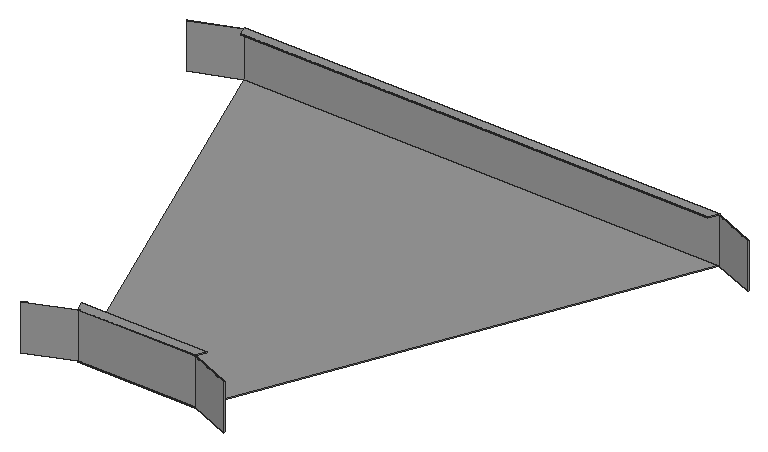
Revit family "Bogen_45_horizontal_ Russia", category Generic Models, Revit 2015
Parameters (values of type "RBL 45 660 FS RU")
  URL = "http://www.obo-bettermann.com"
  Material = Stainless Steel
  Manufacturer Art.No. = "6043692"
  Manufacturer = "OBO Bettermann"
  GTIN = "4012196625994"
  Article Type = "RBL 45 660 FS RU"
  B = 552.5 mm
Types (8, lengths in mm): name | Manufacturer Art.No. | GTIN | Article Type | B
  (no name) | "6043692" | "4012196625994" | "RBL 45 660 FS RU" | 552.5
  RBL 45 610 FS RU | "6043682" | "4012196606122" | "RBL 45 610 FS RU" | 90.5
  RBL 45 615 FS RU | "6043683" | "4012196649334" | "RBL 45 615 FS RU" | 136.7
  RBL 45 620 FS RU | "6043684" | "4012196606139" | "RBL 45 620 FS RU" | 182.9
  RBL 45 630 FS RU | "6043686" | "4012196606146" | "RBL 45 630 FS RU" | 275.3
  RBL 45 640 FS RU | "6043688" | "4012196625970" | "RBL 45 640 FS RU" | 367.7
  RBL 45 650 FS RU | "6043690" | "4012196625987" | "RBL 45 650 FS RU" | 460.1
  RBL 45 660 FS RU | "6043692" | "4012196625994" | "RBL 45 660 FS RU" | 552.5
Reference planes
  plane 1 "Center (Front/Back)": y = 0
  plane 2: z = 0
  plane 3 "Center (Left/Right)": x = 0
  plane 4: z = 1
  plane 5: z = 59
  plane 6: z = 60
  plane 7: through (0, 0, 1200) normal (-0.9239, -0.3827, 0)
  plane 8: x = -75
  plane 9: through (0, 0, 1200) normal (-0.9239, 0.3827, 0)
  plane 10: x = 75
  plane 11: y = 734.6
  plane 12: through (-28.247, -88.593, 1200) normal (-0.9239, -0.3827, 0)
  plane 13: through (32.699, -77.845, 1200) normal (-0.9239, 0.3827, 0)
  plane 14: y = 733.6
  plane 15: y = 181.1
  plane 16: y = 182.1
  plane 17: y = 194.1
  plane 18: y = 722.6
Forms (mm)
  Extrusion 1, solid, material "Stainless Steel" <- "Material"
    sketch origin (0, 0, 0) x (1, 0, 0) y (0, 1, 0)
      loop
        line (304.281, 734.6) -> (-304.281, 734.6) -> (-75.014, 181.1) -> (75.014, 181.1) -> (304.281, 734.6)
    from 0 to 1
  Extrusion 2, solid, material "Stainless Steel" <- "Material"
    sketch origin (0, 0, 0) x (1, 0, 0) y (0, 1, 0)
      loop
        line (-75, 181.1) -> (75, 181.1) -> (130.445, 158.134) -> (130.861, 159.139) -> (75.428, 182.1) -> (-75.428, 182.1) -> (-130.861, 159.139) -> (-130.445, 158.134) -> (-75, 181.1)
      loop
        line (-304.281, 734.6) -> (-359.714, 711.639) -> (-359.3, 710.639) -> (-303.867, 733.6) -> (303.867, 733.6) -> (359.3, 710.639) -> (359.714, 711.639) -> (304.281, 734.6) -> (-304.281, 734.6)
    from 1 to 59
  Extrusion 3, solid, material "Stainless Steel" <- "Material"
    sketch origin (0, 0, 0) x (1, 0, 0) y (0, 1, 0)
      loop
        line (-80.399, 194.1) -> (-75.014, 181.1) -> (75.014, 181.1) -> (80.399, 194.1) -> (-80.399, 194.1)
      loop
        line (-304.281, 734.6) -> (-299.311, 722.6) -> (299.311, 722.6) -> (304.281, 734.6) -> (-304.281, 734.6)
    from 59 to 60
Lines and regions (mm)
  reference lines
    curve 1: line (303.867, 733.6, 0) -> (359.3, 710.639, 0)
    curve 2: line (304.281, 734.6, 0) -> (359.714, 711.639, 0)
    curve 3: line (-303.867, 733.6, 0) -> (-359.3, 710.639, 0)
    curve 4: line (-304.281, 734.6, 0) -> (-359.714, 711.639, 0)
    curve 9: line (-75, 181.1, 0) -> (-130.445, 158.134, 0)
    curve 10: line (75, 181.1, 0) -> (130.445, 158.134, 0)
    curve 11: line (-75.428, 182.1, 0) -> (-130.861, 159.139, 0)
    curve 12: line (75.428, 182.1, 0) -> (130.861, 159.139, 0)
  model lines
    curve 5: line (-75.014, 181.1, 0) -> (75.014, 181.1, 0)
    curve 6: line (75.014, 181.1, 0) -> (304.281, 734.6, 0)
    curve 7: line (304.281, 734.6, 0) -> (-304.281, 734.6, 0)
    curve 8: line (-304.281, 734.6, 0) -> (-75.014, 181.1, 0)
Dimensions and locks
  locked: level to plane 4 at 1
  locked: plane 4 to plane 5 at 58
  locked: plane 5 to plane 6 at 1
  equal spacing: plane 8, plane 3 "Center (Left/Right)", plane 10
  locked: plane 8 to plane 10 at 150
  locked: plane 11 to plane 14 at 1
  plane 12 to plane 7 = 60 mm
  plane 9 to plane 13 = 60 mm
  locked: curve 4 to curve 3 at 1.082
  locked: curve 1 to curve 2 at 1.082
  "B": plane 14 to plane 15
  locked: plane 15 to plane 1 "Center (Front/Back)" at 181.1
  locked: plane 16 to plane 15 at 1
  locked: curve 11 to curve 9 at 1.088
  locked: curve 10 to curve 12 at 1.088
  locked: plane 11 to plane 18 at 12
  locked: plane 17 to plane 16 at 12
  locked: plane 7 to plane 1 "Center (Front/Back)" (angle 67.50°)
  locked: plane 1 "Center (Front/Back)" to plane 9 (angle 67.50°)
  locked: plane 11 to curve 4 (angle 22.50°)
  locked: curve 2 to plane 11 (angle 22.50°)
  aligned and locked: level to plane 2
  aligned and locked: curve 1 to plane 14
  aligned and locked: curve 1 to plane 13
  aligned and locked: plane 9 to curve 2
  aligned and locked: curve 2 to plane 13
  aligned and locked: plane 7 to curve 3
  aligned and locked: curve 3 to plane 12
  aligned and locked: plane 11 to curve 4
  aligned and locked: curve 4 to plane 12
  aligned and locked: curve 5 to plane 15
  aligned and locked: curve 6 to plane 9
  aligned and locked: plane 11 to curve 7
  aligned and locked: plane 7 to curve 8
  aligned and locked: plane 15 to curve 9
  aligned and locked: plane 12 to curve 9
  aligned and locked: curve 10 to plane 15
  aligned and locked: plane 13 to curve 10
  aligned and locked: plane 16 to curve 11
  aligned and locked: plane 12 to curve 11
  aligned and locked: plane 16 to curve 12
  aligned and locked: plane 13 to curve 12
  aligned and locked: Extrusion 1 sketch curve to curve 7
  aligned and locked: Extrusion 1 sketch curve to curve 8
  aligned and locked: Extrusion 1 sketch curve to curve 5
  aligned and locked: Extrusion 1 sketch curve to curve 6
  aligned and locked: Extrusion 1 to level
  aligned and locked: plane 4 to Extrusion 1
  aligned and locked: Extrusion 1 to Extrusion 2 sketch curve
  aligned and locked: Extrusion 2 sketch curve to curve 10
  aligned and locked: Extrusion 2 sketch curve to curve 12
  aligned and locked: Extrusion 2 sketch curve to curve 9
  aligned and locked: Extrusion 2 sketch curve to curve 11
  aligned and locked: Extrusion 2 sketch curve to curve 4
  aligned and locked: Extrusion 2 sketch curve to curve 3
  aligned and locked: Extrusion 2 sketch curve to Extrusion 1
  aligned and locked: Extrusion 2 sketch curve to curve 2
  aligned and locked: Extrusion 2 sketch curve to curve 1
  aligned and locked: Extrusion 2 sketch curve to plane 13
  aligned and locked: Extrusion 2 sketch curve to plane 14
  aligned and locked: Extrusion 2 sketch curve to plane 16
  aligned and locked: plane 13 to Extrusion 2 sketch curve
  aligned and locked: plane 12 to Extrusion 2 sketch curve
  aligned and locked: Extrusion 2 sketch curve to plane 12
  aligned and locked: Extrusion 2 to plane 4
  aligned and locked: Extrusion 2 to plane 5
  aligned and locked: Extrusion 3 sketch curve to plane 17
  aligned and locked: plane 9 to Extrusion 3 sketch curve
  aligned and locked: Extrusion 3 sketch curve to curve 5
  aligned and locked: Extrusion 3 sketch curve to curve 8  (x2)
  aligned and locked: Extrusion 3 sketch curve to plane 18
  aligned and locked: Extrusion 3 sketch curve to plane 9
  aligned and locked: Extrusion 3 sketch curve to curve 7
  aligned and locked: Extrusion 3 to plane 5
  aligned and locked: Extrusion 3 to plane 6
Automatic sketch dimensions
  plane 7 to curve 11 = 0 mm
  curve 9 to plane 8 = 0 mm
  curve 10 to plane 10 = 0 mm
  curve 12 to plane 9 = 0 mm
  curve 1 to plane 9 = 0 mm
